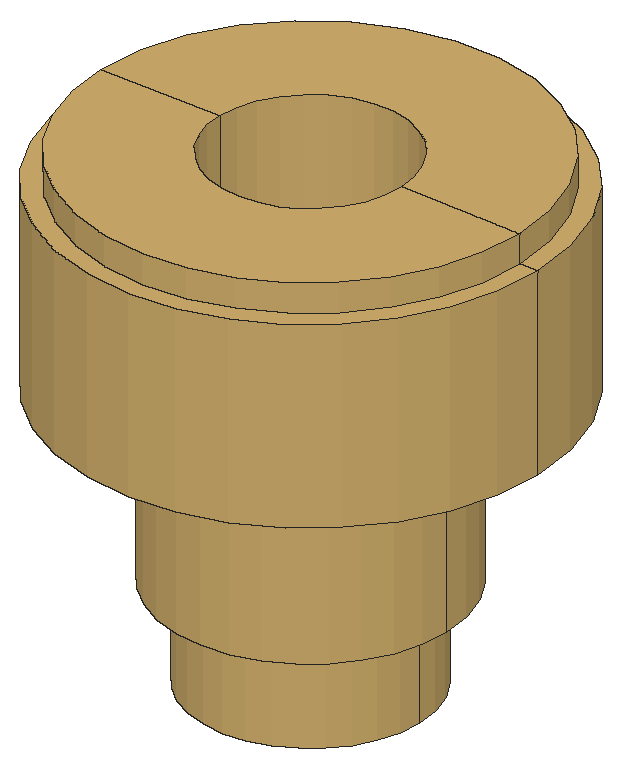
Revit family "Rückflussverhinderer 2621", category Rohrzubehör, Revit 2021
Family settings
  Bemaßung runder Anschluss = Durchmesser verwenden
  Teiletyp = Unterbricht
  OmniClass-Nummer = 23.65.55.14
  OmniClass-Titel = Valves for Liquid Services
  Arbeitsebenenbasiert = Nein
  Immer vertikal = Ja
  Beim Laden mit Abzugskörper schneiden = Nein
  Gemeinsam genutzt = Nein
Parameters
  Vorgabe-Ansicht = 0.000 mm
  SCTWSEQ = "FW;SBT_TYP_FW=\"108\";2"
  SCTWCODE = "04;14;02"  # constant formula
  SCRNSEQ = "AWI;AWI_TYP=\"1007\";2"
  SCRNCODE = "05;17;02"  # constant formula
  Nennweite IG = 10.000 mm  # constant formula
  Max.Betriebstemperatur = 110 °C  # constant formula
  URL = "www.herz-armaturen.at"
  Nennweite AG [instance] = 15.000 mm
  Max.Betriebsdruck = 1000000.0 Pa  # constant formula
  Hersteller = "Herz-Armaturen GmbH"  # constant formula
  H04 [instance] = if(Nennweite AG = 10.000 mm, 4.500 mm, if(Nennweite AG = 15.000 mm, 5.000 mm, 0.000 mm))  # 5.000 mm
  H03 = 9.500 mm  # constant formula
  H02 [instance] = if(Nennweite AG = 10.000 mm, 14.000 mm, if(Nennweite AG = 15.000 mm, 10.000 mm, 0.000 mm))  # 10.000 mm
  H01 = 9.500 mm  # constant formula
  H00 [instance] = if(Nennweite AG = 10.000 mm, 29.500 mm, if(Nennweite AG = 15.000 mm, 26.000 mm, 0.000 mm))  # 26.000 mm
  G2 = Nennweite IG / 2  # 5.000 mm
  G1 [instance] = Nennweite AG / 2  # 7.500 mm
  D03 [instance] = if(Nennweite AG = 10.000 mm, 4.000 mm, if(Nennweite AG = 15.000 mm, 6.000 mm, 0.000 mm))  # 6.000 mm
  D02 [instance] = if(Nennweite AG = 10.000 mm, 11.000 mm, if(Nennweite AG = 15.000 mm, 12.500 mm, 0.000 mm))  # 12.500 mm
  D01 [instance] = if(Nennweite AG = 10.000 mm, 10.000 mm, if(Nennweite AG = 15.000 mm, 11.500 mm, 0.000 mm))  # 11.500 mm
  Bestellnummer [instance] = if(Nennweite AG = 10.000 mm, 1262100, if(Nennweite AG = 15.000 mm, 1262101, 0))  # 1262101
Reference planes
  plane 1 "Mitte (Vorne/hinten)": y = 0
  plane 2: z = 0
  plane 3 "Mitte (Links/rechts)": x = 0
Forms (mm)
  Revolve 1, solid, material "Messing", detail levels fine
    sketch origin (0, 0, 0) x (1, 0, 0) y (0, 0, 1)
      loop
        line (-11.5, 21) -> (-11.5, 19.5) -> (-12.5, 19.5) -> (-12.5, 9.5) -> (-7.5, 9.5) -> (-7.5, 0) -> (-6, 0) -> (-6, -5) -> (0, -5) -> (0, 11.5) -> (-5, 11.5) -> (-5, 21) -> (-11.5, 21)
      axis (0, 21) -> (0, -5)
    angle from 0 to 360
Lines and regions (mm)
  model lines, detail levels coarse+medium
    curve 1: line (-12.5, 0, 21) -> (12.5, 0, 21)
    curve 2: line (12.5, 0, 21) -> (-12.5, 0, -5)
    curve 3: line (-12.5, 0, -5) -> (12.5, 0, -5)
    curve 4: circle (-12.5, 0, -4.998) r 5 normal (0, -1, 0)
    curve 5: line (0, -12.5, 21) -> (0, 12.5, 21)
    curve 6: line (0, 12.5, 21) -> (0, -12.5, -5)
    curve 7: line (0, -12.5, -5) -> (0, 12.5, -5)
    curve 8: circle (0, -12.5, -5) r 5 normal (1, 0, 0)
Dimensions and locks
  "H02": Revolve 1 sketch curve to Revolve 1 sketch curve
  "D01": Revolve 1 sketch curve to Revolve 1 sketch curve
  "G1": Revolve 1 sketch curve to Revolve 1 sketch curve
  "H01": Revolve 1 sketch curve to Revolve 1 sketch curve
  "D02": Revolve 1 sketch curve to Revolve 1 sketch curve
  "G2": Revolve 1 sketch curve to Revolve 1 sketch curve
  "H03": Revolve 1 sketch curve to Revolve 1 sketch curve
  "H04": Revolve 1 sketch curve to Revolve 1 sketch curve
  "H00": Revolve 1 sketch curve to Revolve 1 sketch curve
  "D03": Revolve 1 sketch curve to Revolve 1 sketch curve
  "H00": curve 1 to curve 3
  "H04": plane 2 to curve 3
  "D02": curve 2 to plane 3 "Mitte (Links/rechts)" to curve 1
  "D02": curve 3 to plane 3 "Mitte (Links/rechts)" to curve 3
  "H00": curve 7 to curve 5
  "H04": plane 2 to curve 7
  "D02": curve 5 to plane 1 "Mitte (Vorne/hinten)" to curve 6
  "D02": curve 7 to plane 1 "Mitte (Vorne/hinten)" to curve 7
  aligned and locked: level to plane 2
Automatic sketch dimensions
  curve 8 to curve 6 = 0.000 mm  (x2)
  curve 4 to curve 2 = 0.000 mm
  curve 2 to curve 4 = 0.002 mm
  Revolve 1 sketch curve to level = 0.000 mm
  Revolve 1 sketch curve to plane 3 "Mitte (Links/rechts)" = 0.000 mm  (x2)
  Revolve 1 sketch curve to Revolve 1 sketch curve = 1992.000 mm
  Revolve 1 sketch curve to Revolve 1 sketch curve = 1979.000 mm
  radius of curve 8 = 5.000 mm
  radius of curve 4 = 5.000 mm
Connectors
  piping at (0, 0, -5), diameter 15, driven by "Nennweite AG"
    settings: on Revolve 1, index 1, connector inside diameter 609.6 mm, connector length 0.000 mm, flow factor 0, pipe flow 0.0 L/s, pressure drop 0.0 Pa, fitting loss kfactor 0, connector angle 0.00°, fixture units 0, engagement length 0.000 mm, angle of deflection 0.00°, flow configuration 0, flow direction 1, fitting loss method 0, system type 29, joint type 0, gender type 0, connector reference index -1, connector utility 0, adjustable connector no, is connector primary yes, connector description ""
  piping at (0, 0, 11.5), diameter 10, driven by "Nennweite IG"
    settings: on Revolve 1, index 2, connector inside diameter 609.6 mm, connector length 0.000 mm, flow factor 0, pipe flow 0.0 L/s, pressure drop 0.0 Pa, fitting loss kfactor 0, connector angle 0.00°, fixture units 0, engagement length 0.000 mm, angle of deflection 0.00°, flow configuration 0, flow direction 2, fitting loss method 0, system type 29, joint type 0, gender type 0, connector reference index -1, connector utility 0, adjustable connector no, is connector primary no, connector description ""
